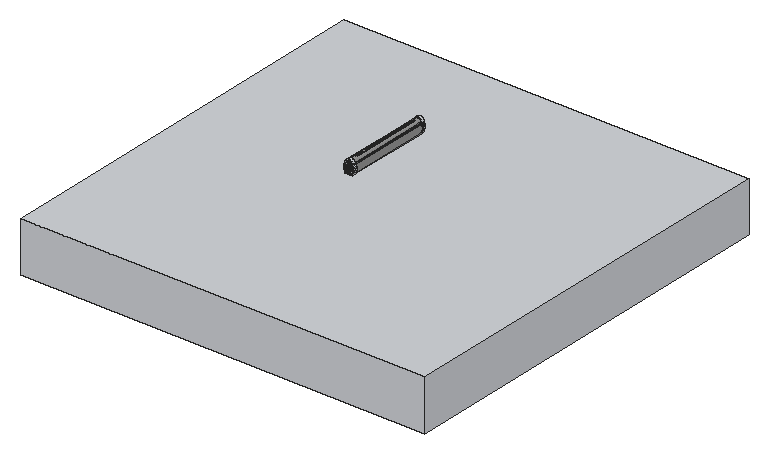
Revit family "L-trade II_body", category Обобщенные модели, Revit 2017
Family settings
  Основа = Грань
  Может служить основой для арматурных стержней = Нет
  Размер круглого соединителя = Использовать диаметр
  Тип детали = Нормальный
  При загрузке вырезать с полостями = Нет
  Общий = Нет
  Точка расчета площади = Нет
Parameters
  Тип торцевой крышки = Trade II Easy Lock : Trade II Easy Lock
  Расстояние от светильника до плоскости = Расстояние от низа светильника до плоскости + 80 mm  # 330 mm
  Расстояние от низа светильника до плоскости = 250 mm
  Default Elevation = 1219.2 mm
  Длина профиля = 1000 mm
Reference planes
  plane 1 "По центру (Вперед/Назад)": y = 0
  plane 2: z = 0
  plane 3 "По центру (Влево/Вправо)": x = 0
  plane 4 "Плоскость расположения светильника": z = 250
Forms (mm)
  Extrusion 1, solid
    sketch origin (0, 0, 0) x (1, 0, 0) y (0, 1, 0)
      loop
        line (-1219.2, 1219.2) -> (-1219.2, -1219.2) -> (1219.2, -1219.2) -> (1219.2, 1219.2) -> (-1219.2, 1219.2)
    from 0 to -304.8
  Extrusion 2, solid
    sketch origin (0, 0, 250) x (0, -1, 0) y (1, 0, 0)
      loop
        line (-250, 2.572) -> (250, 2.572) -> (250, 4.625) -> (-250, 4.625) -> (-250, 2.572)
      loop
        line (-250, -2.572) -> (-250, -4.625) -> (250, -4.625) -> (250, -2.572) -> (-250, -2.572)
    from 0 to 1
  Extrusion 3, solid, material "Алюминий"
    sketch origin (0, 0, 0) x (1, 0, 0) y (0, 0, 1)
      loop
        line (2.572, 250) -> (21.583, 250)
        arc (21.583, 250) -> (23.284, 250.705) -> (23.988, 252.406) r 2.406
        line (23.988, 252.406) -> (23.988, 299.1) -> (23.054, 299.44)
        arc (23.054, 299.44) -> (20.433, 299.877) -> (22.85, 300.98) r 1.389
        line (22.85, 300.98) -> (23.732, 302.227)
        arc (23.732, 302.227) -> (24.096, 303.532) -> (23.546, 304.771) r 2.006
        arc (23.546, 304.771) -> (23.261, 305.083) -> (23.188, 305.5) r 0.757
        line (23.188, 305.5) -> (22.224, 305.5) -> (22.224, 304.659) -> (22.797, 304.087)
        arc (22.797, 304.087) -> (22.797, 302.684) -> (21.394, 302.684) r 0.992
        arc (21.394, 302.684) -> (21.071, 302.931) -> (20.696, 303.087) r 1.556
        line (20.696, 303.087) -> (18.325, 303.087)
        arc (18.325, 303.087) -> (16.847, 304.004) -> (18.515, 304.5) r 0.954
        line (18.515, 304.5) -> (19.803, 304.5) -> (19.803, 305.5) -> (19.002, 305.5)
        arc (19.002, 305.5) -> (17.792, 305.901) -> (16.582, 305.5) r 2.024
        line (16.582, 305.5) -> (4.453, 305.5) -> (4.453, 304.5) -> (5.483, 304.5) -> (5.483, 303.3) -> (-5.506, 303.3) -> (-5.506, 304.5) -> (-4.477, 304.5) -> (-4.477, 305.5) -> (-16.606, 305.5)
        arc (-16.606, 305.5) -> (-17.815, 305.901) -> (-19.025, 305.5) r 2.024
        line (-19.025, 305.5) -> (-19.826, 305.5) -> (-19.826, 304.5) -> (-18.538, 304.5)
        arc (-18.538, 304.5) -> (-16.87, 304.004) -> (-18.349, 303.087) r 0.954
        line (-18.349, 303.087) -> (-20.719, 303.087)
        arc (-20.719, 303.087) -> (-21.095, 302.931) -> (-21.417, 302.684) r 1.556
        arc (-21.417, 302.684) -> (-22.82, 302.684) -> (-22.82, 304.087) r 0.992
        line (-22.82, 304.087) -> (-22.247, 304.659) -> (-22.247, 305.5) -> (-23.212, 305.5)
        arc (-23.212, 305.5) -> (-23.284, 305.083) -> (-23.569, 304.771) r 0.757
        arc (-23.569, 304.771) -> (-24.119, 303.532) -> (-23.756, 302.227) r 2.006
        line (-23.756, 302.227) -> (-22.873, 300.98)
        arc (-22.873, 300.98) -> (-20.456, 299.877) -> (-23.077, 299.44) r 1.389
        line (-23.077, 299.44) -> (-24.012, 299.1) -> (-24.012, 252.406)
        arc (-24.012, 252.406) -> (-23.307, 250.705) -> (-21.606, 250) r 2.406
        line (-21.606, 250) -> (-2.595, 250) -> (-2.595, 251) -> (-4.649, 251) -> (-4.649, 255.456) -> (4.625, 255.456) -> (4.625, 251) -> (2.572, 251) -> (2.572, 250)
      loop
        line (5.619, 251) -> (21.584, 251)
        arc (21.584, 251) -> (22.577, 251.411) -> (22.988, 252.405) r 1.405
        line (22.988, 252.405) -> (22.988, 297.897)
        arc (22.988, 297.897) -> (19.715, 298.767) -> (20.407, 302.082) r 2.462
        line (20.407, 302.082) -> (18.726, 302.082)
        arc (18.726, 302.082) -> (16.485, 302.332) -> (15.866, 304.5) r 2.024
        line (15.866, 304.5) -> (6.476, 304.5) -> (6.476, 302.279) -> (-6.499, 302.279) -> (-6.499, 304.5) -> (-15.89, 304.5)
        arc (-15.89, 304.5) -> (-16.509, 302.332) -> (-18.749, 302.082) r 2.024
        line (-18.749, 302.082) -> (-20.43, 302.082)
        arc (-20.43, 302.082) -> (-19.738, 298.767) -> (-23.012, 297.897) r 2.462
        line (-23.012, 297.897) -> (-23.012, 252.405)
        arc (-23.012, 252.405) -> (-22.6, 251.411) -> (-21.607, 251) r 1.405
        line (-21.607, 251) -> (-5.642, 251) -> (-5.642, 256.427) -> (5.619, 256.427) -> (5.619, 251)
    from 250 to -250
  Extrusion 4, solid, material "Стекло, прозрачное остекление"
    sketch origin (0, 0, 0) x (1, 0, 0) y (0, 0, 1)
      loop
        arc (-0.012, 326.283) -> (14.71, 320.185) -> (20.808, 305.463) r 20.82
        line (20.808, 305.463) -> (20.808, 304.359) -> (18.369, 304.359) -> (18.369, 303.222) -> (22.088, 303.222) -> (22.088, 305.463)
        arc (22.088, 305.463) -> (15.615, 321.09) -> (-0.012, 327.563) r 22.1
        arc (-0.012, 327.563) -> (-15.639, 321.09) -> (-22.112, 305.463) r 22.1
        line (-22.112, 305.463) -> (-22.112, 303.222) -> (-18.393, 303.222) -> (-18.393, 304.359) -> (-20.832, 304.359) -> (-20.832, 305.463)
        arc (-20.832, 305.463) -> (-14.734, 320.185) -> (-0.012, 326.283) r 20.82
    from 250 to -250
Dimensions and locks
  "Расстояние от низа светильника до плоскости": plane 4 "Плоскость расположения светильника" to Extrusion 1
  aligned and locked: plane 2 to Extrusion 1
  aligned and locked: level to Extrusion 1
Automatic sketch dimensions
  Extrusion 1 sketch curve to Extrusion 1 sketch curve = 2438.4 mm  (x2)
  Extrusion 2 sketch curve to plane 3 "По центру (Влево/Вправо)" = 2.572 mm
  Extrusion 2 sketch curve to plane 1 "По центру (Вперед/Назад)" = 250 mm
  plane 1 "По центру (Вперед/Назад)" to Extrusion 2 sketch curve = 250 mm
  plane 3 "По центру (Влево/Вправо)" to Extrusion 2 sketch curve = 2.572 mm
  Extrusion 2 sketch curve to Extrusion 2 sketch curve = 0 mm  (x2)
  Extrusion 2 sketch curve to Extrusion 2 sketch curve = 2.053 mm  (x2)
  Extrusion 3 sketch curve to Extrusion 3 sketch curve = 0 mm  (x22)
  Extrusion 3 sketch curve to plane 4 "Плоскость расположения светильника" = 0 mm  (x2)
  Extrusion 3 sketch curve to plane 3 "По центру (Влево/Вправо)" = 24.012 mm
  Extrusion 3 sketch curve to Extrusion 3 sketch curve = 0.047 mm
  Extrusion 3 sketch curve to Extrusion 3 sketch curve = 0.256 mm
  Extrusion 3 sketch curve to Extrusion 3 sketch curve = 0.753 mm  (x2)
  Extrusion 3 sketch curve to Extrusion 3 sketch curve = 0.935 mm  (x2)
  Extrusion 3 sketch curve to Extrusion 3 sketch curve = 1 mm  (x4)
  Extrusion 3 sketch curve to Extrusion 3 sketch curve = 0.882 mm  (x2)
  Extrusion 3 sketch curve to Extrusion 3 sketch curve = 0.392 mm
  Extrusion 3 sketch curve to Extrusion 3 sketch curve = 0.964 mm  (x2)
  Extrusion 3 sketch curve to Extrusion 3 sketch curve = 0.702 mm  (x2)
  Extrusion 3 sketch curve to Extrusion 3 sketch curve = 1.04 mm  (x2)
  Extrusion 3 sketch curve to Extrusion 3 sketch curve = 1.405 mm
  Extrusion 3 sketch curve to Extrusion 3 sketch curve = 0.001 mm  (x2)
  Extrusion 3 sketch curve to Extrusion 3 sketch curve = 1.399 mm  (x2)
  Extrusion 3 sketch curve to Extrusion 3 sketch curve = 0.289 mm  (x2)
  Extrusion 3 sketch curve to Extrusion 3 sketch curve = 0.114 mm  (x2)
  Extrusion 3 sketch curve to Extrusion 3 sketch curve = 2.421 mm
  Extrusion 3 sketch curve to Extrusion 3 sketch curve = 0.801 mm  (x2)
  Extrusion 3 sketch curve to Extrusion 3 sketch curve = 1.567 mm  (x2)
  Extrusion 3 sketch curve to Extrusion 3 sketch curve = 0.487 mm  (x2)
  Extrusion 3 sketch curve to Extrusion 3 sketch curve = 0.401 mm  (x2)
  Extrusion 3 sketch curve to Extrusion 3 sketch curve = 0.533 mm  (x2)
  Extrusion 3 sketch curve to Extrusion 3 sketch curve = 1.21 mm  (x2)
  Extrusion 3 sketch curve to Extrusion 3 sketch curve = 0.716 mm  (x2)
  Extrusion 3 sketch curve to plane 3 "По центру (Влево/Вправо)" = 6.499 mm
  plane 4 "Плоскость расположения светильника" to Extrusion 3 sketch curve = 1 mm  (x4)
  Extrusion 3 sketch curve to plane 3 "По центру (Влево/Вправо)" = 5.642 mm
  Extrusion 3 sketch curve to Extrusion 3 sketch curve = 0.993 mm  (x4)
  Extrusion 3 sketch curve to Extrusion 3 sketch curve = 1.03 mm  (x2)
  Extrusion 3 sketch curve to Extrusion 3 sketch curve = 2.053 mm  (x2)
  plane 3 "По центру (Влево/Вправо)" to Extrusion 3 sketch curve = 2.572 mm
  plane 3 "По центру (Влево/Вправо)" to Extrusion 3 sketch curve = 4.453 mm
  Extrusion 3 sketch curve to Extrusion 3 sketch curve = 9.39 mm
  Extrusion 3 sketch curve to Extrusion 3 sketch curve = 0.723 mm
  plane 4 "Плоскость расположения светильника" to Extrusion 3 sketch curve = 2.406 mm
  Extrusion 3 sketch curve to Extrusion 3 sketch curve = 15.964 mm
  Extrusion 3 sketch curve to Extrusion 3 sketch curve = 1.517 mm
  Extrusion 3 sketch curve to Extrusion 3 sketch curve = 0.129 mm
  Extrusion 3 sketch curve to Extrusion 3 sketch curve = 0.573 mm  (x3)
  Extrusion 3 sketch curve to Extrusion 3 sketch curve = 4.456 mm
  Extrusion 3 sketch curve to Extrusion 3 sketch curve = 0.971 mm
  Extrusion 3 sketch curve to Extrusion 3 sketch curve = 41.47 mm  (x2)
  Extrusion 3 sketch curve to Extrusion 3 sketch curve = 1.203 mm  (x2)
  Extrusion 3 sketch curve to Extrusion 3 sketch curve = 0.34 mm  (x2)
  Extrusion 3 sketch curve to Extrusion 3 sketch curve = 0.619 mm  (x2)
  Extrusion 3 sketch curve to Extrusion 3 sketch curve = 0.498 mm  (x2)
  Extrusion 3 sketch curve to Extrusion 3 sketch curve = 1.247 mm  (x2)
  Extrusion 3 sketch curve to Extrusion 3 sketch curve = 0.198 mm
  Extrusion 3 sketch curve to Extrusion 3 sketch curve = 1.005 mm  (x2)
  Extrusion 3 sketch curve to Extrusion 3 sketch curve = 1.021 mm
  Extrusion 3 sketch curve to Extrusion 3 sketch curve = 0.299 mm  (x2)
  Extrusion 3 sketch curve to Extrusion 3 sketch curve = 0.791 mm  (x2)
  Extrusion 3 sketch curve to Extrusion 3 sketch curve = 1.33 mm  (x2)
  Extrusion 3 sketch curve to Extrusion 3 sketch curve = 0.841 mm  (x2)
  Extrusion 3 sketch curve to Extrusion 3 sketch curve = 0.698 mm
  Extrusion 4 sketch curve to Extrusion 4 sketch curve = 0 mm  (x13)
  Extrusion 4 sketch curve to plane 3 "По центру (Влево/Вправо)" = 22.112 mm
  Extrusion 4 sketch curve to Extrusion 4 sketch curve = 1.28 mm
  Extrusion 4 sketch curve to Extrusion 4 sketch curve = 2.439 mm  (x2)
  Extrusion 4 sketch curve to plane 3 "По центру (Влево/Вправо)" = 0.012 mm
  plane 4 "Плоскость расположения светильника" to Extrusion 4 sketch curve = 53.222 mm
  Extrusion 4 sketch curve to Extrusion 4 sketch curve = 1.137 mm  (x2)
  Extrusion 4 sketch curve to Extrusion 4 sketch curve = 1.104 mm
Nested families
  nested 1: "Trade II Easy Lock" at (0.005, 0, 0), type <- "Тип торцевой крышки", type "Trade II Easy Lock"
    with Расстояние от светильника до плоскости 330 mm, Расстояние до плоскости 258 mm, Начало профиля 500 mm, Конец профиля 500 mm
  nested 2: "Trade II Easy Lock" at (0, 0, 0), type <- "Тип торцевой крышки", type "Trade II Easy Lock"
    with Расстояние от светильника до плоскости 330 mm, Расстояние до плоскости 258 mm, Начало профиля 500 mm, Конец профиля 500 mm
Definition of nested family "Trade II Easy Lock"
  Parameters (values of type "Trade II Easy Lock")
    Расстояние от светильника до плоскости = Расстояние до плоскости + 72 mm  # 422 mm
    Расстояние до плоскости = 350 mm
    Default Elevation = 1219.2 mm
    Начало профиля = 249.976 mm
    Конец профиля = 250.024 mm
  Reference planes
    plane 1 "По центру (Вперед/Назад)": y = 0
    plane 2: z = 0
    plane 3 "По центру (Влево/Вправо)": x = 0
    plane 4 "Плоскость низа светильника": z = 350
  Forms (mm)
    Extrusion 1, solid
      sketch origin (0, 0, 0) x (1, 0, 0) y (0, 1, 0)
        loop
          line (-1219.2, 1219.2) -> (-1219.2, -1219.2) -> (1219.2, -1219.2) -> (1219.2, 1219.2) -> (-1219.2, 1219.2)
      from 0 to -304.8
    Extrusion 2, solid
      sketch origin (0, -398.223, 350) x (0, -1, 0) y (1, 0, 0)
        loop
          line (-148.236, -5.649) -> (-130.236, -5.649) -> (-130.236, 5.625) -> (-148.236, 5.625) -> (-148.236, -5.649)
        loop
          line (-648.236, 5.625) -> (-666.236, 5.625) -> (-666.236, -5.649) -> (-648.236, -5.649) -> (-648.236, 5.625)
      from 0 to -2
    Extrusion 3, solid
      sketch origin (5.625, 268.013, 350) x (-1, 0, 0) y (0, 0, 1)
        loop
          arc (28.697, 49.657) -> (21.525, 65.194) -> (5.63, 71.533) r 23.1
          arc (5.63, 71.533) -> (-10.266, 65.194) -> (-17.438, 49.657) r 23.1
          arc (-17.438, 49.657) -> (-19.62, 45.831) -> (-19.639, 41.427) r 8.666
          arc (-19.639, 41.427) -> (-19.083, 38.06) -> (-21.255, 35.429) r 4.12
          line (-21.255, 35.429) -> (-24.425, 33.883)
          arc (-24.425, 33.883) -> (-25.811, 32.581) -> (-26.322, 30.75) r 3.536
          line (-26.322, 30.75) -> (-26.322, 22.479) -> (-26.322, 14.208)
          arc (-26.322, 14.208) -> (-25.811, 12.377) -> (-24.425, 11.075) r 3.536
          line (-24.425, 11.075) -> (-21.249, 9.534)
          arc (-21.249, 9.534) -> (-19.072, 6.893) -> (-19.641, 3.519) r 4.12
          arc (-19.641, 3.519) -> (-20.809, -0.574) -> (-19.361, -4.575) r 6.919
          arc (-19.361, -4.575) -> (-18.366, -6.977) -> (-15.964, -7.972) r 3.397
          line (-15.964, -7.972) -> (0.973, -7.972)
          arc (0.973, -7.972) -> (1.694, -7.673) -> (1.993, -6.952) r 1.02
          line (1.993, -6.952) -> (1.993, -2) -> (-0.007, -2) -> (-0.007, -5.972) -> (-15.964, -5.972)
          arc (-15.964, -5.972) -> (-16.714, -5.754) -> (-17.229, -5.168) r 1.397
          arc (-17.229, -5.168) -> (-17.414, -4.504) -> (-17.37, -3.815) r 2.071
          arc (-17.37, -3.815) -> (-18.79, -0.816) -> (-17.982, 2.402) r 4.919
          arc (-17.982, 2.402) -> (-17.141, 7.413) -> (-20.375, 11.333) r 6.12
          line (-20.375, 11.333) -> (-23.519, 12.859)
          arc (-23.519, 12.859) -> (-24.106, 13.423) -> (-24.322, 14.208) r 1.536
          line (-24.322, 14.208) -> (-24.322, 22.479) -> (-24.322, 30.75)
          arc (-24.322, 30.75) -> (-24.106, 31.536) -> (-23.518, 32.1) r 1.536
          line (-23.518, 32.1) -> (-20.378, 33.631)
          arc (-20.378, 33.631) -> (-17.207, 37.349) -> (-17.768, 42.204) r 6.12
          arc (-17.768, 42.204) -> (-17.537, 45.801) -> (-15.468, 48.752) r 6.666
          arc (-15.468, 48.752) -> (-9.177, 63.465) -> (5.63, 69.533) r 21.1
          arc (5.63, 69.533) -> (20.437, 63.465) -> (26.728, 48.752) r 21.1
          arc (26.728, 48.752) -> (28.797, 45.801) -> (29.028, 42.204) r 6.666
          arc (29.028, 42.204) -> (28.466, 37.349) -> (31.638, 33.631) r 6.12
          line (31.638, 33.631) -> (34.778, 32.1)
          arc (34.778, 32.1) -> (35.366, 31.536) -> (35.582, 30.75) r 1.536
          line (35.582, 30.75) -> (35.582, 22.479) -> (35.582, 14.208)
          arc (35.582, 14.208) -> (35.366, 13.423) -> (34.779, 12.859) r 1.536
          line (34.779, 12.859) -> (31.635, 11.333)
          arc (31.635, 11.333) -> (28.401, 7.413) -> (29.242, 2.402) r 6.12
          arc (29.242, 2.402) -> (30.05, -0.816) -> (28.63, -3.815) r 4.919
          arc (28.63, -3.815) -> (28.674, -4.504) -> (28.489, -5.168) r 2.071
          arc (28.489, -5.168) -> (27.974, -5.754) -> (27.224, -5.972) r 1.397
          line (27.224, -5.972) -> (11.267, -5.972) -> (11.267, -2) -> (9.267, -2) -> (9.267, -6.952)
          arc (9.267, -6.952) -> (9.566, -7.673) -> (10.287, -7.972) r 1.02
          line (10.287, -7.972) -> (27.224, -7.972)
          arc (27.224, -7.972) -> (29.626, -6.977) -> (30.621, -4.575) r 3.397
          arc (30.621, -4.575) -> (32.069, -0.574) -> (30.901, 3.519) r 6.919
          arc (30.901, 3.519) -> (30.332, 6.893) -> (32.509, 9.534) r 4.12
          line (32.509, 9.534) -> (35.685, 11.075)
          arc (35.685, 11.075) -> (37.071, 12.377) -> (37.582, 14.208) r 3.536
          line (37.582, 14.208) -> (37.582, 22.479) -> (37.582, 30.75)
          arc (37.582, 30.75) -> (37.071, 32.581) -> (35.685, 33.883) r 3.536
          line (35.685, 33.883) -> (32.515, 35.429)
          arc (32.515, 35.429) -> (30.343, 38.06) -> (30.899, 41.427) r 4.12
          arc (30.899, 41.427) -> (30.88, 45.831) -> (28.697, 49.657) r 8.666
      from 0 to -18
    Extrusion 4, solid
      sketch origin (5.625, 250.013, 350) x (1, 0, 0) y (0, 0, 1)
        loop
          line (15.644, 22.479) -> (15.644, 27.454)
          arc (15.644, 27.454) -> (15.416, 28.602) -> (14.765, 29.576) r 3
          line (14.765, 29.576) -> (8.99, 35.35)
          arc (8.99, 35.35) -> (8.017, 36.001) -> (6.869, 36.229) r 3
          line (6.869, 36.229) -> (0.949, 36.229)
          arc (0.949, 36.229) -> (-1.526, 35.204) -> (-2.551, 32.729) r 3.5
          line (-2.551, 32.729) -> (-2.551, 22.479) -> (-2.551, 12.229)
          arc (-2.551, 12.229) -> (-1.526, 9.754) -> (0.949, 8.729) r 3.5
          line (0.949, 8.729) -> (6.869, 8.729)
          arc (6.869, 8.729) -> (8.017, 8.957) -> (8.99, 9.608) r 3
          line (8.99, 9.608) -> (14.765, 15.382)
          arc (14.765, 15.382) -> (15.416, 16.356) -> (15.644, 17.504) r 3
          line (15.644, 17.504) -> (15.644, 22.479)
        loop
          line (7.445, 30.435) -> (0.889, 30.435) -> (0.889, 27.559) -> (7.445, 27.559) -> (7.445, 30.435)
        loop
          line (7.445, 14.523) -> (7.445, 17.399) -> (0.889, 17.399) -> (0.889, 14.523) -> (7.445, 14.523)
        loop
          line (12.774, 21.041) -> (12.774, 23.917) -> (6.218, 23.917) -> (6.218, 21.041) -> (12.774, 21.041)
        loop
          line (-26.918, 22.479) -> (-26.918, 17.504)
          arc (-26.918, 17.504) -> (-26.689, 16.356) -> (-26.039, 15.382) r 3
          line (-26.039, 15.382) -> (-20.264, 9.608)
          arc (-20.264, 9.608) -> (-19.291, 8.957) -> (-18.143, 8.729) r 3
          line (-18.143, 8.729) -> (-12.223, 8.729)
          arc (-12.223, 8.729) -> (-9.748, 9.754) -> (-8.723, 12.229) r 3.5
          line (-8.723, 12.229) -> (-8.723, 22.479) -> (-8.723, 32.729)
          arc (-8.723, 32.729) -> (-9.748, 35.204) -> (-12.223, 36.229) r 3.5
          line (-12.223, 36.229) -> (-18.143, 36.229)
          arc (-18.143, 36.229) -> (-19.291, 36.001) -> (-20.264, 35.35) r 3
          line (-20.264, 35.35) -> (-26.039, 29.576)
          arc (-26.039, 29.576) -> (-26.689, 28.602) -> (-26.918, 27.454) r 3
          line (-26.918, 27.454) -> (-26.918, 22.479)
        loop
          line (-18.719, 30.435) -> (-18.719, 27.559) -> (-12.163, 27.559) -> (-12.163, 30.435) -> (-18.719, 30.435)
        loop
          line (-18.719, 14.523) -> (-12.163, 14.523) -> (-12.163, 17.399) -> (-18.719, 17.399) -> (-18.719, 14.523)
        loop
          line (-24.048, 21.041) -> (-17.491, 21.041) -> (-17.491, 23.917) -> (-24.048, 23.917) -> (-24.048, 21.041)
      from -1 to -15
    Extrusion 5, solid
      sketch origin (5.625, 250.013, 350) x (1, 0, 0) y (0, 0, 1)
        loop
          arc (15.461, 48.752) -> (9.17, 63.465) -> (-5.637, 69.533) r 21.1
          arc (-5.637, 69.533) -> (-20.444, 63.465) -> (-26.734, 48.752) r 21.1
          arc (-26.734, 48.752) -> (-28.804, 45.801) -> (-29.035, 42.204) r 6.666
          arc (-29.035, 42.204) -> (-28.473, 37.349) -> (-31.645, 33.631) r 6.12
          line (-31.645, 33.631) -> (-34.785, 32.1)
          arc (-34.785, 32.1) -> (-35.373, 31.536) -> (-35.589, 30.75) r 1.536
          line (-35.589, 30.75) -> (-35.589, 22.479) -> (-35.589, 14.208)
          arc (-35.589, 14.208) -> (-35.373, 13.423) -> (-34.786, 12.859) r 1.536
          line (-34.786, 12.859) -> (-31.642, 11.333)
          arc (-31.642, 11.333) -> (-28.408, 7.413) -> (-29.249, 2.402) r 6.12
          arc (-29.249, 2.402) -> (-30.057, -0.816) -> (-28.637, -3.815) r 4.919
          arc (-28.637, -3.815) -> (-28.681, -4.504) -> (-28.496, -5.168) r 2.071
          arc (-28.496, -5.168) -> (-27.981, -5.754) -> (-27.231, -5.972) r 1.397
          line (-27.231, -5.972) -> (-11.274, -5.972) -> (-11.274, 0) -> (-5.637, 0) -> (0, 0) -> (0, -5.972) -> (15.957, -5.972)
          arc (15.957, -5.972) -> (16.707, -5.754) -> (17.222, -5.168) r 1.397
          arc (17.222, -5.168) -> (17.407, -4.504) -> (17.363, -3.815) r 2.071
          arc (17.363, -3.815) -> (18.783, -0.816) -> (17.975, 2.402) r 4.919
          arc (17.975, 2.402) -> (17.134, 7.413) -> (20.368, 11.333) r 6.12
          line (20.368, 11.333) -> (23.512, 12.859)
          arc (23.512, 12.859) -> (24.099, 13.423) -> (24.315, 14.208) r 1.536
          line (24.315, 14.208) -> (24.315, 22.479) -> (24.315, 30.75)
          arc (24.315, 30.75) -> (24.099, 31.536) -> (23.511, 32.1) r 1.536
          line (23.511, 32.1) -> (20.371, 33.631)
          arc (20.371, 33.631) -> (17.2, 37.349) -> (17.761, 42.204) r 6.12
          arc (17.761, 42.204) -> (17.53, 45.801) -> (15.461, 48.752) r 6.666
      from 0 to -1
    Extrusion 6, solid
      sketch origin (-5.649, -267.987, 350) x (1, 0, 0) y (0, 0, 1)
        loop
          arc (-17.424, 49.657) -> (-19.606, 45.831) -> (-19.625, 41.427) r 8.666
          arc (-19.625, 41.427) -> (-19.069, 38.06) -> (-21.241, 35.429) r 4.12
          line (-21.241, 35.429) -> (-24.411, 33.883)
          arc (-24.411, 33.883) -> (-25.797, 32.581) -> (-26.308, 30.75) r 3.536
          line (-26.308, 30.75) -> (-26.308, 22.479) -> (-26.308, 14.208)
          arc (-26.308, 14.208) -> (-25.797, 12.377) -> (-24.411, 11.075) r 3.536
          line (-24.411, 11.075) -> (-21.236, 9.534)
          arc (-21.236, 9.534) -> (-19.059, 6.893) -> (-19.627, 3.519) r 4.12
          arc (-19.627, 3.519) -> (-20.796, -0.574) -> (-19.347, -4.575) r 6.919
          arc (-19.347, -4.575) -> (-18.352, -6.977) -> (-15.951, -7.972) r 3.397
          line (-15.951, -7.972) -> (0.987, -7.972)
          arc (0.987, -7.972) -> (1.708, -7.673) -> (2.007, -6.952) r 1.02
          line (2.007, -6.952) -> (2.007, -2) -> (0.007, -2) -> (0.007, -5.972) -> (-15.951, -5.972)
          arc (-15.951, -5.972) -> (-16.7, -5.754) -> (-17.215, -5.168) r 1.397
          arc (-17.215, -5.168) -> (-17.4, -4.504) -> (-17.356, -3.815) r 2.071
          arc (-17.356, -3.815) -> (-18.776, -0.816) -> (-17.968, 2.402) r 4.919
          arc (-17.968, 2.402) -> (-17.127, 7.413) -> (-20.361, 11.333) r 6.12
          line (-20.361, 11.333) -> (-23.505, 12.859)
          arc (-23.505, 12.859) -> (-24.092, 13.423) -> (-24.308, 14.208) r 1.536
          line (-24.308, 14.208) -> (-24.308, 22.479) -> (-24.308, 30.75)
          arc (-24.308, 30.75) -> (-24.092, 31.536) -> (-23.504, 32.1) r 1.536
          line (-23.504, 32.1) -> (-20.364, 33.631)
          arc (-20.364, 33.631) -> (-17.193, 37.349) -> (-17.754, 42.204) r 6.12
          arc (-17.754, 42.204) -> (-17.523, 45.801) -> (-15.454, 48.752) r 6.666
          arc (-15.454, 48.752) -> (-9.163, 63.465) -> (5.644, 69.533) r 21.1
          arc (5.644, 69.533) -> (20.451, 63.465) -> (26.741, 48.752) r 21.1
          arc (26.741, 48.752) -> (28.811, 45.801) -> (29.042, 42.204) r 6.666
          arc (29.042, 42.204) -> (28.48, 37.349) -> (31.652, 33.631) r 6.12
          line (31.652, 33.631) -> (34.792, 32.1)
          arc (34.792, 32.1) -> (35.38, 31.536) -> (35.596, 30.75) r 1.536
          line (35.596, 30.75) -> (35.596, 22.479) -> (35.596, 14.208)
          arc (35.596, 14.208) -> (35.38, 13.423) -> (34.793, 12.859) r 1.536
          line (34.793, 12.859) -> (31.649, 11.333)
          arc (31.649, 11.333) -> (28.415, 7.413) -> (29.256, 2.402) r 6.12
          arc (29.256, 2.402) -> (30.064, -0.816) -> (28.644, -3.815) r 4.919
          arc (28.644, -3.815) -> (28.688, -4.504) -> (28.503, -5.168) r 2.071
          arc (28.503, -5.168) -> (27.988, -5.754) -> (27.238, -5.972) r 1.397
          line (27.238, -5.972) -> (11.281, -5.972) -> (11.281, -2) -> (9.281, -2) -> (9.281, -6.952)
          arc (9.281, -6.952) -> (9.579, -7.673) -> (10.301, -7.972) r 1.02
          line (10.301, -7.972) -> (27.238, -7.972)
          arc (27.238, -7.972) -> (29.64, -6.977) -> (30.635, -4.575) r 3.397
          arc (30.635, -4.575) -> (32.083, -0.574) -> (30.915, 3.519) r 6.919
          arc (30.915, 3.519) -> (30.346, 6.893) -> (32.523, 9.534) r 4.12
          line (32.523, 9.534) -> (35.699, 11.075)
          arc (35.699, 11.075) -> (37.085, 12.377) -> (37.596, 14.208) r 3.536
          line (37.596, 14.208) -> (37.596, 22.479) -> (37.596, 30.75)
          arc (37.596, 30.75) -> (37.085, 32.581) -> (35.699, 33.883) r 3.536
          line (35.699, 33.883) -> (32.529, 35.429)
          arc (32.529, 35.429) -> (30.357, 38.06) -> (30.913, 41.427) r 4.12
          arc (30.913, 41.427) -> (30.894, 45.831) -> (28.711, 49.657) r 8.666
          arc (28.711, 49.657) -> (21.539, 65.194) -> (5.644, 71.533) r 23.1
          arc (5.644, 71.533) -> (-10.252, 65.194) -> (-17.424, 49.657) r 23.1
      from 0 to -18
    Extrusion 7, solid
      sketch origin (-5.649, -249.987, 350) x (1, 0, 0) y (0, 0, -1)
        loop
          line (11.281, 5.972) -> (11.274, 2) -> (11.274, 0) -> (0, 0) -> (0.007, 2) -> (0.007, 5.972) -> (-15.951, 5.972)
          arc (-15.951, 5.972) -> (-16.7, 5.754) -> (-17.215, 5.168) r 1.397
          arc (-17.215, 5.168) -> (-17.4, 4.504) -> (-17.356, 3.815) r 2.071
          arc (-17.356, 3.815) -> (-18.776, 0.816) -> (-17.968, -2.402) r 4.919
          arc (-17.968, -2.402) -> (-17.127, -7.413) -> (-20.361, -11.333) r 6.12
          line (-20.361, -11.333) -> (-23.505, -12.859)
          arc (-23.505, -12.859) -> (-24.092, -13.423) -> (-24.308, -14.208) r 1.536
          line (-24.308, -14.208) -> (-24.308, -22.479) -> (-24.308, -30.75)
          arc (-24.308, -30.75) -> (-24.092, -31.536) -> (-23.504, -32.1) r 1.536
          line (-23.504, -32.1) -> (-20.364, -33.631)
          arc (-20.364, -33.631) -> (-17.193, -37.349) -> (-17.754, -42.204) r 6.12
          arc (-17.754, -42.204) -> (-17.523, -45.801) -> (-15.454, -48.752) r 6.666
          arc (-15.454, -48.752) -> (-9.163, -63.465) -> (5.644, -69.533) r 21.1
          arc (5.644, -69.533) -> (20.451, -63.465) -> (26.741, -48.752) r 21.1
          arc (26.741, -48.752) -> (28.811, -45.801) -> (29.042, -42.204) r 6.666
          arc (29.042, -42.204) -> (28.48, -37.349) -> (31.652, -33.631) r 6.12
          line (31.652, -33.631) -> (34.792, -32.1)
          arc (34.792, -32.1) -> (35.38, -31.536) -> (35.596, -30.75) r 1.536
          line (35.596, -30.75) -> (35.596, -22.479) -> (35.596, -14.208)
          arc (35.596, -14.208) -> (35.38, -13.423) -> (34.793, -12.859) r 1.536
          line (34.793, -12.859) -> (31.649, -11.333)
          arc (31.649, -11.333) -> (28.415, -7.413) -> (29.256, -2.402) r 6.12
          arc (29.256, -2.402) -> (30.064, 0.816) -> (28.644, 3.815) r 4.919
          arc (28.644, 3.815) -> (28.688, 4.504) -> (28.503, 5.168) r 2.071
          arc (28.503, 5.168) -> (27.988, 5.754) -> (27.238, 5.972) r 1.397
          line (27.238, 5.972) -> (11.281, 5.972)
      from 0 to -1
    Extrusion 8, solid
      sketch origin (-5.649, -267.987, 350) x (1, 0, 0) y (0, 0, 1)
        loop
          line (-15.644, 22.479) -> (-15.644, 17.504)
          arc (-15.644, 17.504) -> (-15.416, 16.356) -> (-14.765, 15.382) r 3
          line (-14.765, 15.382) -> (-8.99, 9.608)
          arc (-8.99, 9.608) -> (-8.017, 8.957) -> (-6.869, 8.729) r 3
          line (-6.869, 8.729) -> (-0.949, 8.729)
          arc (-0.949, 8.729) -> (1.526, 9.754) -> (2.551, 12.229) r 3.5
          line (2.551, 12.229) -> (2.551, 22.479) -> (2.551, 32.729)
          arc (2.551, 32.729) -> (1.526, 35.204) -> (-0.949, 36.229) r 3.5
          line (-0.949, 36.229) -> (-6.869, 36.229)
          arc (-6.869, 36.229) -> (-8.017, 36.001) -> (-8.99, 35.35) r 3
          line (-8.99, 35.35) -> (-14.765, 29.576)
          arc (-14.765, 29.576) -> (-15.416, 28.602) -> (-15.644, 27.454) r 3
          line (-15.644, 27.454) -> (-15.644, 22.479)
        loop
          arc (-6.778, 34.029) -> (-7.168, 33.951) -> (-7.499, 33.73) r 1.021
          line (-7.499, 33.73) -> (-13.103, 28.126)
          arc (-13.103, 28.126) -> (-13.355, 27.749) -> (-13.444, 27.304) r 1.162
          line (-13.444, 27.304) -> (-13.444, 22.479) -> (-13.444, 17.654)
          arc (-13.444, 17.654) -> (-13.355, 17.209) -> (-13.103, 16.832) r 1.162
          line (-13.103, 16.832) -> (-7.499, 11.228)
          arc (-7.499, 11.228) -> (-7.168, 11.007) -> (-6.778, 10.929) r 1.021
          line (-6.778, 10.929) -> (-0.949, 10.929)
          arc (-0.949, 10.929) -> (-0.03, 11.31) -> (0.351, 12.229) r 1.3
          line (0.351, 12.229) -> (0.351, 22.479) -> (0.351, 32.729)
          arc (0.351, 32.729) -> (-0.03, 33.648) -> (-0.949, 34.029) r 1.3
          line (-0.949, 34.029) -> (-6.778, 34.029)
        loop
          line (26.918, 22.479) -> (26.918, 27.454)
          arc (26.918, 27.454) -> (26.689, 28.602) -> (26.039, 29.576) r 3
          line (26.039, 29.576) -> (20.264, 35.35)
          arc (20.264, 35.35) -> (19.291, 36.001) -> (18.143, 36.229) r 3
          line (18.143, 36.229) -> (12.223, 36.229)
          arc (12.223, 36.229) -> (9.748, 35.204) -> (8.723, 32.729) r 3.5
          line (8.723, 32.729) -> (8.723, 22.479) -> (8.723, 12.229)
          arc (8.723, 12.229) -> (9.748, 9.754) -> (12.223, 8.729) r 3.5
          line (12.223, 8.729) -> (18.143, 8.729)
          arc (18.143, 8.729) -> (19.291, 8.957) -> (20.264, 9.608) r 3
          line (20.264, 9.608) -> (26.039, 15.382)
          arc (26.039, 15.382) -> (26.689, 16.356) -> (26.918, 17.504) r 3
          line (26.918, 17.504) -> (26.918, 22.479)
        loop
          line (18.051, 34.029) -> (12.223, 34.029)
          arc (12.223, 34.029) -> (11.303, 33.648) -> (10.923, 32.729) r 1.3
          line (10.923, 32.729) -> (10.923, 22.479) -> (10.923, 12.229)
          arc (10.923, 12.229) -> (11.303, 11.31) -> (12.223, 10.929) r 1.3
          line (12.223, 10.929) -> (18.051, 10.929)
          arc (18.051, 10.929) -> (18.442, 11.007) -> (18.773, 11.228) r 1.021
          line (18.773, 11.228) -> (24.377, 16.832)
          arc (24.377, 16.832) -> (24.629, 17.209) -> (24.718, 17.654) r 1.162
          line (24.718, 17.654) -> (24.718, 22.479) -> (24.718, 27.304)
          arc (24.718, 27.304) -> (24.629, 27.749) -> (24.377, 28.126) r 1.162
          line (24.377, 28.126) -> (18.773, 33.73)
          arc (18.773, 33.73) -> (18.442, 33.951) -> (18.051, 34.029) r 1.021
      from -1 to -15
    Extrusion 9, solid
      sketch origin (-5.649, -267.987, 350) x (1, 0, 0) y (0, 0, 1)
        loop
          line (-11.974, 21.841) -> (-7.018, 21.841) -> (-7.018, 23.117) -> (-11.974, 23.117) -> (-11.974, 21.841)
        loop
          line (-6.645, 16.599) -> (-6.645, 15.323) -> (-1.689, 15.323) -> (-1.689, 16.599) -> (-6.645, 16.599)
        loop
          line (-1.689, 28.359) -> (-1.689, 29.635) -> (-6.645, 29.635) -> (-6.645, 28.359) -> (-1.689, 28.359)
        loop
          line (23.248, 21.841) -> (23.248, 23.117) -> (18.291, 23.117) -> (18.291, 21.841) -> (23.248, 21.841)
        loop
          line (17.919, 16.599) -> (12.963, 16.599) -> (12.963, 15.323) -> (17.919, 15.323) -> (17.919, 16.599)
        loop
          line (12.963, 28.359) -> (17.919, 28.359) -> (17.919, 29.635) -> (12.963, 29.635) -> (12.963, 28.359)
      from -1 to -15
  Dimensions and locks
    "Расстояние до плоскости": plane 4 "Плоскость низа светильника" to Extrusion 1
    aligned and locked: plane 2 to Extrusion 1
    aligned and locked: level to Extrusion 1
  Automatic sketch dimensions
    Extrusion 1 sketch curve to Extrusion 1 sketch curve = 2438.4 mm  (x2)
    plane 3 "По центру (Влево/Вправо)" to Extrusion 2 sketch curve = 5.625 mm  (x2)
    Extrusion 2 sketch curve to plane 1 "По центру (Вперед/Назад)" = 268.013 mm
    Extrusion 2 sketch curve to plane 3 "По центру (Влево/Вправо)" = 5.649 mm  (x2)
    Extrusion 2 sketch curve to Extrusion 2 sketch curve = 18 mm  (x2)
    plane 1 "По центру (Вперед/Назад)" to Extrusion 2 sketch curve = 249.987 mm
    Extrusion 3 sketch curve to Extrusion 3 sketch curve = 0 mm  (x43)
    Extrusion 3 sketch curve to Extrusion 2 = 0 mm  (x2)
    Extrusion 3 sketch curve to Extrusion 2 = 14.208 mm
    Extrusion 2 to Extrusion 3 sketch curve = 26.322 mm
    Extrusion 3 sketch curve to Extrusion 3 sketch curve = 1.897 mm  (x2)
    Extrusion 3 sketch curve to Extrusion 2 = 11.075 mm  (x2)
    Extrusion 3 sketch curve to Extrusion 3 sketch curve = 2 mm  (x2)
    Extrusion 3 sketch curve to Extrusion 2 = 12.859 mm
    Extrusion 3 sketch curve to Extrusion 3 sketch curve = 0.804 mm
    Extrusion 3 sketch curve to Extrusion 3 sketch curve = 1.364 mm
    Extrusion 3 sketch curve to Extrusion 3 sketch curve = 1.372 mm
    Extrusion 3 sketch curve to Extrusion 3 sketch curve = 0.731 mm  (x2)
    Extrusion 3 sketch curve to Extrusion 3 sketch curve = 3.17 mm
    Extrusion 3 sketch curve to Extrusion 2 = 9.534 mm  (x2)
    Extrusion 3 sketch curve to Extrusion 3 sketch curve = 3.176 mm
    Extrusion 3 sketch curve to Extrusion 3 sketch curve = 0.877 mm  (x2)
    Extrusion 3 sketch curve to Extrusion 2 = 11.333 mm
    Extrusion 3 sketch curve to Extrusion 3 sketch curve = 0.874 mm  (x2)
    Extrusion 3 sketch curve to Extrusion 2 = 2.575 mm
    Extrusion 3 sketch curve to Extrusion 3 sketch curve = 7.088 mm
    Extrusion 3 sketch curve to Extrusion 3 sketch curve = 0.611 mm  (x2)
    Extrusion 2 to Extrusion 3 sketch curve = 0.334 mm  (x2)
    Extrusion 3 sketch curve to Extrusion 3 sketch curve = 1.459 mm  (x2)
    Extrusion 2 to Extrusion 3 sketch curve = 11.248 mm
    Extrusion 2 to Extrusion 3 sketch curve = 0.007 mm
    Extrusion 3 sketch curve to Extrusion 2 = 0.973 mm
    Extrusion 3 sketch curve to Extrusion 2 = 1.993 mm
    Extrusion 3 sketch curve to Extrusion 2 = 5.63 mm
    Extrusion 3 sketch curve to Extrusion 2 = 2.007 mm
    Extrusion 3 sketch curve to Extrusion 2 = 0.987 mm
    Extrusion 3 sketch curve to Extrusion 2 = 0.007 mm
    Extrusion 2 to Extrusion 3 sketch curve = 11.234 mm
    Extrusion 2 to Extrusion 3 sketch curve = 13.881 mm
    Extrusion 3 sketch curve to Extrusion 2 = 2.289 mm
    Extrusion 3 sketch curve to Extrusion 3 sketch curve = 6.48 mm
    Extrusion 3 sketch curve to Extrusion 3 sketch curve = 9.13 mm
    Extrusion 3 sketch curve to Extrusion 3 sketch curve = 2.412 mm
    Extrusion 3 sketch curve to Extrusion 3 sketch curve = 2.408 mm
    Extrusion 3 sketch curve to Extrusion 3 sketch curve = 1.804 mm
    Extrusion 3 sketch curve to Extrusion 3 sketch curve = 1.806 mm
    Extrusion 3 sketch curve to Extrusion 3 sketch curve = 0.732 mm
    Extrusion 3 sketch curve to Extrusion 3 sketch curve = 1.536 mm
    Extrusion 3 sketch curve to Extrusion 3 sketch curve = 0.906 mm
    Extrusion 3 sketch curve to Extrusion 3 sketch curve = 0.907 mm
    Extrusion 3 sketch curve to Extrusion 2 = 3.972 mm
    Extrusion 3 sketch curve to Extrusion 3 sketch curve = 1.683 mm
    Extrusion 3 sketch curve to Extrusion 3 sketch curve = 0.98 mm  (x2)
    Extrusion 3 sketch curve to Extrusion 3 sketch curve = 0.286 mm  (x2)
    Extrusion 3 sketch curve to Extrusion 3 sketch curve = 3.705 mm  (x2)
    Extrusion 3 sketch curve to Extrusion 3 sketch curve = 1.799 mm
    Extrusion 3 sketch curve to Extrusion 3 sketch curve = 8.271 mm  (x4)
    Extrusion 3 sketch curve to Extrusion 3 sketch curve = 1.531 mm  (x2)
    Extrusion 3 sketch curve to Extrusion 3 sketch curve = 1.798 mm  (x2)
    Extrusion 3 sketch curve to Extrusion 3 sketch curve = 3.703 mm  (x2)
    Extrusion 3 sketch curve to Extrusion 3 sketch curve = 4.46 mm  (x2)
    Extrusion 3 sketch curve to Extrusion 3 sketch curve = 4.841 mm
    Extrusion 3 sketch curve to Extrusion 3 sketch curve = 3.422 mm
    Extrusion 3 sketch curve to Extrusion 3 sketch curve = 1.659 mm
    Extrusion 3 sketch curve to Extrusion 3 sketch curve = 1.871 mm
    Extrusion 3 sketch curve to Extrusion 3 sketch curve = 0.331 mm
    Extrusion 3 sketch curve to Extrusion 3 sketch curve = 0.141 mm  (x2)
    Extrusion 3 sketch curve to Extrusion 3 sketch curve = 1.97 mm  (x2)
    Extrusion 3 sketch curve to Extrusion 3 sketch curve = 4.219 mm
    Extrusion 3 to Extrusion 4 sketch curve = 8.664 mm
    Extrusion 4 sketch curve to Extrusion 4 sketch curve = 0.879 mm  (x4)
    Extrusion 4 sketch curve to Extrusion 4 sketch curve = 2.87 mm  (x2)
    Extrusion 4 sketch curve to Extrusion 4 sketch curve = 3 mm  (x2)
    Extrusion 4 sketch curve to Extrusion 4 sketch curve = 5.775 mm  (x2)
    Extrusion 4 sketch curve to Extrusion 4 sketch curve = 5.199 mm  (x4)
    Extrusion 4 sketch curve to Extrusion 4 sketch curve = 2.121 mm  (x5)
    Extrusion 4 sketch curve to Extrusion 4 sketch curve = 0.576 mm  (x2)
    Extrusion 4 sketch curve to Extrusion 4 sketch curve = 1.228 mm  (x2)
    Extrusion 3 to Extrusion 4 sketch curve = 0.956 mm  (x2)
    Extrusion 3 to Extrusion 4 sketch curve = 0.896 mm  (x2)
    Extrusion 3 to Extrusion 4 sketch curve = 0.544 mm
    Extrusion 3 to Extrusion 4 sketch curve = 0.558 mm
    Extrusion 3 to Extrusion 4 sketch curve = 0.882 mm  (x2)
    Extrusion 3 to Extrusion 4 sketch curve = 0.942 mm  (x2)
    Extrusion 3 to Extrusion 4 sketch curve = 6.211 mm
    Extrusion 4 sketch curve to Extrusion 4 sketch curve = 5.92 mm  (x2)
    Extrusion 4 sketch curve to Extrusion 4 sketch curve = 0.13 mm
    Extrusion 3 to Extrusion 4 sketch curve = 10.729 mm  (x2)
    Extrusion 4 sketch curve to Extrusion 4 sketch curve = 2.795 mm  (x4)
    Extrusion 4 sketch curve to Extrusion 4 sketch curve = 0.859 mm  (x2)
    Extrusion 4 sketch curve to Extrusion 4 sketch curve = 2.876 mm  (x6)
    Extrusion 4 sketch curve to Extrusion 4 sketch curve = 3.538 mm  (x4)
    Extrusion 4 sketch curve to Extrusion 4 sketch curve = 1.438 mm  (x2)
    Extrusion 4 sketch curve to Extrusion 4 sketch curve = 5.08 mm  (x3)
    Extrusion 4 sketch curve to Extrusion 4 sketch curve = 3.642 mm
    Extrusion 4 sketch curve to Extrusion 4 sketch curve = 2.295 mm  (x2)
    Extrusion 5 sketch curve to Extrusion 5 sketch curve = 0 mm  (x3)
    Extrusion 5 sketch curve to Extrusion 3 = 0 mm  (x2)
    Extrusion 5 sketch curve to Extrusion 3 = 0.007 mm  (x2)
    Extrusion 5 sketch curve to Extrusion 3 = 0.81 mm
    Extrusion 5 sketch curve to Extrusion 3 = 0.811 mm
    Extrusion 5 sketch curve to Extrusion 3 = 1.268 mm
    Extrusion 5 sketch curve to Extrusion 3 = 1.276 mm
    Extrusion 5 sketch curve to Extrusion 5 sketch curve = 0.731 mm
    Extrusion 5 sketch curve to Extrusion 5 sketch curve = 1.536 mm
    Extrusion 5 sketch curve to Extrusion 5 sketch curve = 3.14 mm
    Extrusion 5 sketch curve to Extrusion 5 sketch curve = 3.144 mm
    Extrusion 5 sketch curve to Extrusion 3 = 8.365 mm
    Extrusion 5 sketch curve to Extrusion 5 sketch curve = 0.611 mm  (x2)
    Extrusion 5 sketch curve to Extrusion 3 = 1.666 mm  (x2)
    Extrusion 5 sketch curve to Extrusion 5 sketch curve = 1.459 mm  (x2)
    Extrusion 5 sketch curve to Extrusion 3 = 11.234 mm
    Extrusion 3 to Extrusion 5 sketch curve = 0.007 mm  (x2)
    Extrusion 5 sketch curve to Extrusion 3 = 3.63 mm  (x2)
    Extrusion 5 sketch curve to Extrusion 3 = 11.248 mm
    Extrusion 5 sketch curve to Extrusion 3 = 10.42 mm
    Extrusion 5 sketch curve to Extrusion 3 = 1.683 mm
    Extrusion 5 sketch curve to Extrusion 3 = 3.94 mm
    Extrusion 5 sketch curve to Extrusion 3 = 3.937 mm
    Extrusion 5 sketch curve to Extrusion 3 = 1.529 mm  (x2)
    Extrusion 5 sketch curve to Extrusion 3 = 1.262 mm
    Extrusion 5 sketch curve to Extrusion 3 = 1.254 mm
    Extrusion 5 sketch curve to Extrusion 3 = 0.797 mm
    Extrusion 5 sketch curve to Extrusion 3 = 0.796 mm
    Extrusion 5 sketch curve to Extrusion 5 sketch curve = 1.397 mm
    Extrusion 5 sketch curve to Extrusion 5 sketch curve = 0.286 mm  (x2)
    Extrusion 5 sketch curve to Extrusion 3 = 2 mm
    Extrusion 5 sketch curve to Extrusion 3 = 7.829 mm  (x2)
    Extrusion 5 sketch curve to Extrusion 5 sketch curve = 5.503 mm  (x2)
    Extrusion 5 sketch curve to Extrusion 5 sketch curve = 1.526 mm  (x2)
    Extrusion 5 sketch curve to Extrusion 5 sketch curve = 8.271 mm  (x4)
    Extrusion 5 sketch curve to Extrusion 5 sketch curve = 1.531 mm  (x2)
    Extrusion 5 sketch curve to Extrusion 5 sketch curve = 5.501 mm  (x2)
    Extrusion 5 sketch curve to Extrusion 5 sketch curve = 4.46 mm  (x2)
    Extrusion 5 sketch curve to Extrusion 5 sketch curve = 4.841 mm
    Extrusion 5 sketch curve to Extrusion 3 = 4.402 mm
    Extrusion 5 sketch curve to Extrusion 5 sketch curve = 5.293 mm
    Extrusion 5 sketch curve to Extrusion 5 sketch curve = 0.141 mm  (x2)
    Extrusion 5 sketch curve to Extrusion 5 sketch curve = 4.219 mm  (x2)
    Extrusion 6 sketch curve to Extrusion 6 sketch curve = 0 mm  (x43)
    Extrusion 6 sketch curve to Extrusion 2 = 0 mm  (x2)
    Extrusion 2 to Extrusion 6 sketch curve = 26.308 mm
    Extrusion 6 sketch curve to Extrusion 6 sketch curve = 1.897 mm  (x2)
    Extrusion 6 sketch curve to Extrusion 2 = 11.075 mm  (x2)
    Extrusion 6 sketch curve to Extrusion 6 sketch curve = 2 mm  (x3)
    Extrusion 6 sketch curve to Extrusion 2 = 12.859 mm
    Extrusion 6 sketch curve to Extrusion 6 sketch curve = 0.803 mm
    Extrusion 6 sketch curve to Extrusion 6 sketch curve = 0.804 mm
    Extrusion 6 sketch curve to Extrusion 6 sketch curve = 1.364 mm
    Extrusion 6 sketch curve to Extrusion 6 sketch curve = 1.372 mm
    Extrusion 6 sketch curve to Extrusion 6 sketch curve = 1.536 mm  (x2)
    Extrusion 6 sketch curve to Extrusion 6 sketch curve = 3.17 mm
    Extrusion 6 sketch curve to Extrusion 2 = 9.534 mm
    Extrusion 6 sketch curve to Extrusion 6 sketch curve = 3.176 mm
    Extrusion 6 sketch curve to Extrusion 6 sketch curve = 0.877 mm  (x2)
    Extrusion 6 sketch curve to Extrusion 2 = 11.333 mm  (x2)
    Extrusion 6 sketch curve to Extrusion 6 sketch curve = 0.874 mm  (x2)
    Extrusion 6 sketch curve to Extrusion 2 = 2.575 mm
    Extrusion 6 sketch curve to Extrusion 6 sketch curve = 7.088 mm
    Extrusion 6 sketch curve to Extrusion 6 sketch curve = 0.611 mm  (x2)
    Extrusion 2 to Extrusion 6 sketch curve = 0.334 mm  (x2)
    Extrusion 6 sketch curve to Extrusion 6 sketch curve = 1.459 mm  (x2)
    Extrusion 2 to Extrusion 6 sketch curve = 11.234 mm
    Extrusion 6 sketch curve to Extrusion 2 = 0.007 mm
    Extrusion 6 sketch curve to Extrusion 2 = 0.987 mm
    Extrusion 6 sketch curve to Extrusion 2 = 5.63 mm
    Extrusion 6 sketch curve to Extrusion 2 = 1.993 mm
    Extrusion 6 sketch curve to Extrusion 2 = 0.973 mm
    Extrusion 2 to Extrusion 6 sketch curve = 0.007 mm
    Extrusion 2 to Extrusion 6 sketch curve = 11.248 mm
    Extrusion 2 to Extrusion 6 sketch curve = 13.895 mm
    Extrusion 6 sketch curve to Extrusion 2 = 2.289 mm
    Extrusion 6 sketch curve to Extrusion 6 sketch curve = 6.48 mm
    Extrusion 6 sketch curve to Extrusion 6 sketch curve = 9.13 mm
    Extrusion 6 sketch curve to Extrusion 6 sketch curve = 2.412 mm
    Extrusion 6 sketch curve to Extrusion 6 sketch curve = 2.408 mm
    Extrusion 6 sketch curve to Extrusion 6 sketch curve = 1.804 mm
    Extrusion 6 sketch curve to Extrusion 6 sketch curve = 1.806 mm
    Extrusion 6 sketch curve to Extrusion 6 sketch curve = 0.731 mm
    Extrusion 6 sketch curve to Extrusion 6 sketch curve = 0.732 mm
    Extrusion 6 sketch curve to Extrusion 6 sketch curve = 0.907 mm
    Extrusion 6 sketch curve to Extrusion 6 sketch curve = 0.906 mm
    Extrusion 6 sketch curve to Extrusion 6 sketch curve = 0.286 mm  (x2)
    Extrusion 6 sketch curve to Extrusion 2 = 3.972 mm
    Extrusion 6 sketch curve to Extrusion 6 sketch curve = 1.397 mm
    Extrusion 6 sketch curve to Extrusion 6 sketch curve = 0.98 mm  (x2)
    Extrusion 6 sketch curve to Extrusion 6 sketch curve = 5.246 mm
    Extrusion 6 sketch curve to Extrusion 6 sketch curve = 3.705 mm
    Extrusion 6 sketch curve to Extrusion 6 sketch curve = 1.799 mm
    Extrusion 6 sketch curve to Extrusion 6 sketch curve = 8.271 mm  (x4)
    Extrusion 6 sketch curve to Extrusion 6 sketch curve = 1.531 mm  (x2)
    Extrusion 6 sketch curve to Extrusion 6 sketch curve = 1.798 mm  (x2)
    Extrusion 6 sketch curve to Extrusion 6 sketch curve = 3.703 mm  (x2)
    Extrusion 6 sketch curve to Extrusion 6 sketch curve = 4.46 mm  (x2)
    Extrusion 6 sketch curve to Extrusion 6 sketch curve = 4.841 mm
    Extrusion 6 sketch curve to Extrusion 6 sketch curve = 3.422 mm
    Extrusion 6 sketch curve to Extrusion 6 sketch curve = 1.659 mm
    Extrusion 6 sketch curve to Extrusion 6 sketch curve = 1.871 mm
    Extrusion 6 sketch curve to Extrusion 6 sketch curve = 0.331 mm
    Extrusion 6 sketch curve to Extrusion 6 sketch curve = 0.141 mm  (x2)
    Extrusion 6 sketch curve to Extrusion 6 sketch curve = 1.97 mm  (x2)
    Extrusion 6 sketch curve to Extrusion 6 sketch curve = 4.219 mm
    Extrusion 7 sketch curve to Extrusion 7 sketch curve = 0 mm  (x4)
    Extrusion 7 sketch curve to Extrusion 2 = 0 mm  (x6)
    Extrusion 2 to Extrusion 7 sketch curve = 0 mm
    Extrusion 2 to Extrusion 7 sketch curve = 11.234 mm
    Extrusion 2 to Extrusion 7 sketch curve = 0.334 mm  (x2)
    Extrusion 2 to Extrusion 7 sketch curve = 13.881 mm
    Extrusion 7 sketch curve to Extrusion 7 sketch curve = 1.459 mm  (x2)
    Extrusion 7 sketch curve to Extrusion 7 sketch curve = 0.611 mm  (x2)
    Extrusion 7 sketch curve to Extrusion 7 sketch curve = 6.48 mm  (x2)
    Extrusion 7 sketch curve to Extrusion 7 sketch curve = 9.13 mm  (x2)
    Extrusion 7 sketch curve to Extrusion 7 sketch curve = 2.408 mm  (x2)
    Extrusion 7 sketch curve to Extrusion 7 sketch curve = 2.412 mm  (x2)
    Extrusion 7 sketch curve to Extrusion 7 sketch curve = 2.678 mm  (x2)
    Extrusion 7 sketch curve to Extrusion 7 sketch curve = 2.683 mm  (x2)
    Extrusion 7 sketch curve to Extrusion 7 sketch curve = 0.731 mm  (x2)
    Extrusion 7 sketch curve to Extrusion 2 = 12.859 mm  (x2)
    Extrusion 7 sketch curve to Extrusion 7 sketch curve = 0.732 mm  (x2)
    Extrusion 7 sketch curve to Extrusion 7 sketch curve = 1.536 mm  (x2)
    Extrusion 7 sketch curve to Extrusion 2 = 0.007 mm  (x2)
    Extrusion 2 to Extrusion 7 sketch curve = 5.63 mm
    Extrusion 7 sketch curve to Extrusion 2 = 11.248 mm
    Extrusion 7 sketch curve to Extrusion 2 = 13.895 mm
    Extrusion 7 sketch curve to Extrusion 7 sketch curve = 8.271 mm  (x4)
    Extrusion 7 sketch curve to Extrusion 7 sketch curve = 1.531 mm  (x2)
    Extrusion 7 sketch curve to Extrusion 7 sketch curve = 5.501 mm  (x2)
    Extrusion 7 sketch curve to Extrusion 7 sketch curve = 4.46 mm  (x2)
    Extrusion 7 sketch curve to Extrusion 7 sketch curve = 4.841 mm
    Extrusion 7 sketch curve to Extrusion 7 sketch curve = 1.526 mm  (x2)
    Extrusion 7 sketch curve to Extrusion 2 = 5.829 mm  (x2)
    Extrusion 7 sketch curve to Extrusion 2 = 2.289 mm  (x2)
    Extrusion 7 sketch curve to Extrusion 7 sketch curve = 0.286 mm  (x2)
    Extrusion 7 sketch curve to Extrusion 2 = 3.972 mm  (x2)
    Extrusion 7 sketch curve to Extrusion 7 sketch curve = 4.219 mm  (x2)
    Extrusion 7 sketch curve to Extrusion 7 sketch curve = 0.141 mm  (x2)
    Extrusion 7 sketch curve to Extrusion 7 sketch curve = 5.293 mm
    Extrusion 8 sketch curve to Extrusion 8 sketch curve = 0 mm  (x14)
    Extrusion 2 to Extrusion 8 sketch curve = 15.644 mm
    Extrusion 8 sketch curve to Extrusion 2 = 15.382 mm
    Extrusion 8 sketch curve to Extrusion 8 sketch curve = 0.879 mm  (x4)
    Extrusion 8 sketch curve to Extrusion 8 sketch curve = 2.2 mm  (x4)
    Extrusion 8 sketch curve to Extrusion 2 = 16.832 mm
    Extrusion 8 sketch curve to Extrusion 8 sketch curve = 0.34 mm  (x2)
    Extrusion 8 sketch curve to Extrusion 8 sketch curve = 0.46 mm  (x4)
    Extrusion 8 sketch curve to Extrusion 8 sketch curve = 0.362 mm  (x4)
    Extrusion 8 sketch curve to Extrusion 8 sketch curve = 5.775 mm  (x3)
    Extrusion 8 sketch curve to Extrusion 2 = 9.608 mm  (x2)
    Extrusion 8 sketch curve to Extrusion 8 sketch curve = 1.491 mm  (x2)
    Extrusion 8 sketch curve to Extrusion 8 sketch curve = 2.121 mm  (x2)
    Extrusion 8 sketch curve to Extrusion 8 sketch curve = 0.722 mm  (x4)
    Extrusion 8 sketch curve to Extrusion 8 sketch curve = 5.829 mm  (x2)
    Extrusion 8 sketch curve to Extrusion 8 sketch curve = 1.3 mm  (x3)
    Extrusion 8 sketch curve to Extrusion 2 = 8.723 mm
    Extrusion 2 to Extrusion 8 sketch curve = 6.778 mm  (x2)
    Extrusion 8 sketch curve to Extrusion 8 sketch curve = 0.091 mm
    Extrusion 2 to Extrusion 8 sketch curve = 6.869 mm
    Extrusion 2 to Extrusion 8 sketch curve = 8.99 mm  (x2)
    Extrusion 2 to Extrusion 8 sketch curve = 12.282 mm  (x2)
    Extrusion 8 sketch curve to Extrusion 8 sketch curve = 0.8 mm
    Extrusion 8 sketch curve to Extrusion 8 sketch curve = 1.662 mm  (x2)
    Extrusion 8 sketch curve to Extrusion 8 sketch curve = 0.299 mm  (x2)
    Extrusion 8 sketch curve to Extrusion 8 sketch curve = 0.672 mm
    Extrusion 8 sketch curve to Extrusion 8 sketch curve = 10.25 mm  (x2)
    Extrusion 8 sketch curve to Extrusion 8 sketch curve = 4.825 mm  (x4)
    Extrusion 8 sketch curve to Extrusion 8 sketch curve = 0.15 mm  (x2)
    Extrusion 8 sketch curve to Extrusion 8 sketch curve = 1.021 mm  (x2)
    Extrusion 8 sketch curve to Extrusion 8 sketch curve = 0.221 mm  (x2)
    Extrusion 2 to Extrusion 9 sketch curve = 11.974 mm
    Extrusion 9 sketch curve to Extrusion 9 sketch curve = 4.957 mm  (x4)
    Extrusion 9 sketch curve to Extrusion 9 sketch curve = 0.372 mm  (x3)
    Extrusion 2 to Extrusion 9 sketch curve = 1.689 mm  (x4)
    Extrusion 2 to Extrusion 9 sketch curve = 17.323 mm
    Extrusion 9 sketch curve to Extrusion 9 sketch curve = 0 mm
    Extrusion 9 sketch curve to Extrusion 9 sketch curve = 1.276 mm  (x6)
    Extrusion 9 sketch curve to Extrusion 9 sketch curve = 5.242 mm  (x4)
